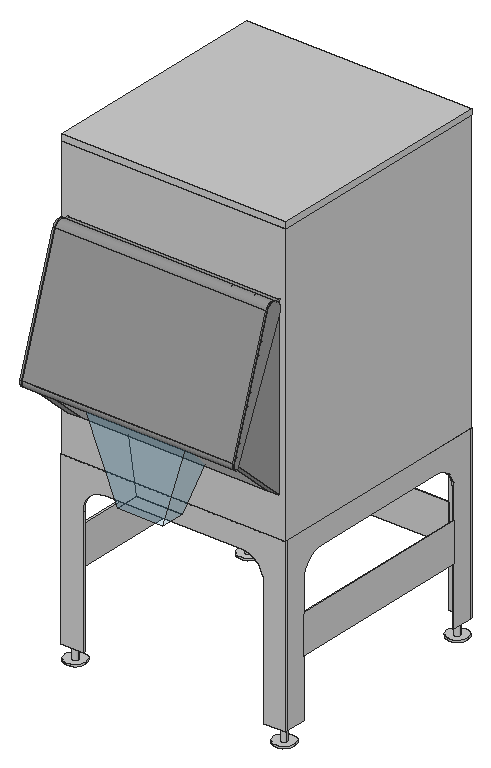
Revit family "QF_HOSHIZAKI_DEV500SG-30-75", category Specialty Equipment, Revit 2016
Family settings
  Part Type = Normal
  Round Connector Dimension = Use Diameter
  OmniClass Number = 23.40.40.14
  OmniClass Title = Food Service Equipment
  Work Plane-Based = No
  Always vertical = Yes
  Cut with Voids When Loaded = No
  Shared = No
  Room Calculation Point = No
Parameters (values of type "DEV500SG-30-75")
  Weight = 136.00 kg
  Waste Remarks [instance] = ""
  URL Cutsheet = ""
  URL = "www.hoshizaki-europe.com"
  Status [instance] = ""
  Specification by User [instance] = ""
  Specification by Manufacturer [instance] = ""
  Serial Number = ""
  Seismic Rating = ""
  SMACNA No = ""
  Revision Code [instance] = ""
  NAFEM Spec ID Number = ""
  Model = "DEV500SG-30-75"
  Masterspec = ""
  Manufacturer = "HOSHIZAKI"
  Length Actual = 762 mm
  Item Number [instance] = ""
  Installed By [instance] = ""
  Indirect Waste Size = 25.4 mm
  Indirect Waste Connection Type [instance] = ""
  Indirect Waste Connection Height [instance] = 0 mm
  Identify Quantity as Lot [instance] = no
  Height Actual = 1600 mm
  Furnished By [instance] = ""
  Foodservice Equipment Identifier [instance] = yes
  Direct Waste RI Height [instance] = 0 mm
  Description = "ICE STORAGE AND DISPENSING SYSTEM, 209KG BIN CAPACITY"
  Depth Actual = 787 mm
  Cost = 0
  CSI MasterFormat = ""
  Assembly Code = "E1090320"
  Accessory = no
Reference planes
  plane 1 "Center (Front/Back)": y = 0
  plane 2: z = 0
  plane 3 "Center (Left/Right)": x = 0
Forms (mm)
  Extrusion 1, solid, not visible
    sketch origin (-1, -2, -1) x (1, 0, 0) y (0, 1, 0)
      loop
        line (0, 0) -> (2, 0) -> (2, 2) -> (0, 2) -> (0, 0)
    from 0 to 2
Dimensions and locks
  aligned and locked: level to plane 2
Nested families
  nested 1: "QF_HOSHIZAKI_DEV500-SG" at (0, 0, 0), type "DEV500SG-30-75"
    with Waste Water Discharge Temperature 0 °C, Status "", Specification by User "", Show Clearance yes, Revision Code "", Plumbing Remarks "", Plumbing Connection Type "", Item Number "", Installed By "", Indirect Waste Connection Type "", Indirect Waste Connection Height 0 mm, Identify Quantity as Lot no, Furnished By "", Foodservice Equipment Identifier yes
Connectors
  piping at (0, 0, 0), diameter 25.4, driven by "Indirect Waste Size"
    settings: on Extrusion 1, index 1, connector inside diameter 609.6 mm, connector length 0 mm, flow factor 0, pipe flow 0.0 L/s, pressure drop 0.0 Pa, fitting loss kfactor 0, connector angle 0.00°, fixture units 0, engagement length 0 mm, angle of deflection 0.00°, flow configuration 1, flow direction 2, fitting loss method 0, system type 16, joint type 0, gender type 0, connector reference index -1, connector utility 0, adjustable connector no, is connector primary yes, connector description "Drain connection for 'DEV500SG-30-75'"
Definition of nested family "QF_HOSHIZAKI_DEV500-SG"
  Parameters (values of type "DEV500SG-30-75")
    Weight in Pounds = 299.8283
    Waste Water Discharge Temperature [instance] = 0 °C
    URL Cutsheet = "www.hoshizaki-europe.com"
    URL = "www.hoshizaki-europe.com"
    Status [instance] = ""
    Specification by User [instance] = ""
    Specification by Manufacturer = ""
    Show Clearance [instance] = yes
    Serial Number = ""
    Seismic Rating = ""
    SMACNA No = ""
    Revision Code [instance] = ""
    Plumbing Remarks [instance] = ""
    Plumbing Connection Type [instance] = ""
    NAFEM Spec ID Number = ""
    Model = "DEV500SG-30-75"
    Masterspec = ""
    Manufacturer = "HOSHIZAKI"
    Item Number [instance] = ""
    Installed By [instance] = ""
    Indirect Waste Size = 25.4 mm
    Indirect Waste Flow = 0.0 L/s
    Indirect Waste Connection Type [instance] = ""
    Indirect Waste Connection Height [instance] = 0 mm
    Identify Quantity as Lot [instance] = no
    Furnished By [instance] = ""
    Foodservice Equipment Identifier [instance] = yes
    Description = "ICE STORAGE AND DISPENSING SYSTEM, 209KG BIN CAPACITY"
    CSI MasterFormat = ""
    Assembly Code = "E1090320"
  Types (2, lengths in mm): name | Indirect Waste Size | Identify Quantity as Lot
    (no name) | 0 | yes
    DEV500SG-30-75 | 25.4 | no
  Values of the unnamed type that differ from the named types
    Weight in Pounds = 0
    Waste Water Discharge Temperature = -273.15 °C
    URL Cutsheet = ""
    URL = ""
    Model = ""
    Manufacturer = ""
    Description = ""
  Reference planes
    plane 1 "Back": y = 0
    plane 2: z = 0
    plane 3 "Left": x = 0
    plane 4 "Right": x = 762
    plane 5 "Front": y = -787
    plane 6 "Top": z = 1600
    plane 7: z = 762
  Forms (mm)
    Extrusion 1, solid
      sketch origin (44.953, -123.309, 1580) x (1, 0, 0) y (0, 1, 0)
        loop
          line (-44.453, -663.691) -> (717.047, -663.691) -> (717.047, 123.309) -> (-44.453, 123.309) -> (-44.453, -663.691)
      from 0 to 20
    Extrusion 2, solid
      sketch origin (0, 0, -1) x (1, 0, 0) y (0, 1, 0)
        loop
          line (2.5, -2) -> (2.5, -787) -> (21, -787) -> (21, -777) -> (12.5, -777) -> (12.5, -12) -> (750, -12) -> (750, -777) -> (739, -777) -> (739, -787) -> (760, -787) -> (760, -2) -> (2.5, -2)
      from 1581 to 630
    Extrusion 3, solid
      sketch origin (0, 227, 1358.182) x (1, 0, 0) y (0, 1, 0)
        loop
          line (21, -1004) -> (21, -1014) -> (739, -1014) -> (739, -1004) -> (21, -1004)
      from 0 to 221.818
    Extrusion 4, solid
      sketch origin (0, 227, 629) x (1, 0, 0) y (0, 1, 0)
        loop
          line (21, -1004) -> (21, -1014) -> (739, -1014) -> (739, -1004) -> (21, -1004)
      from 0 to 133
    Extrusion 5, solid
      sketch origin (0, 0, 629) x (1, 0, 0) y (0, 1, 0)
        loop
          line (12.5, -12) -> (12.5, -777) -> (750, -777) -> (750, -12) -> (12.5, -12)
      from 0 to 10
    Extrusion 6, solid
      sketch origin (0, -782, -146) x (1, 0, 0) y (0, 0, 1)
        loop
          line (75, 197) -> (75, 625)
          arc (75, 625) -> (96.967, 678.033) -> (150, 700) r 75
          line (150, 700) -> (612, 700)
          arc (612, 700) -> (665.033, 678.033) -> (687, 625) r 75
          line (687, 625) -> (687, 197) -> (762, 197) -> (762, 775) -> (0, 775) -> (0, 197) -> (75, 197)
      from 0 to 5
    Extrusion 7, solid
      sketch origin (0, 0, -146) x (0, 1, 0) y (0, 0, 1)
        loop
          line (-5, 775) -> (-782, 775) -> (-782, 197) -> (-712, 197) -> (-712, 625)
          arc (-712, 625) -> (-690.033, 678.033) -> (-637, 700) r 75
          line (-637, 700) -> (-150, 700)
          arc (-150, 700) -> (-96.967, 678.033) -> (-75, 625) r 75
          line (-75, 625) -> (-75, 197) -> (-5, 197) -> (-5, 775)
      from 0 to 5
    Extrusion 8, solid
      sketch origin (0, 0, 0) x (1, 0, 0) y (0, 1, 0)
        loop
          circle (735.25, -760.5) r 35
        loop
          circle (26.75, -760.5) r 35
        loop
          circle (735.25, -26.5) r 35
        loop
          circle (26.75, -26.5) r 35
      from 0 to 5
    Extrusion 9, solid
      sketch origin (0, 0, 0) x (1, 0, 0) y (0, 1, 0)
        loop
          circle (26.75, -760.5) r 10
        loop
          circle (735.25, -760.5) r 10
        loop
          circle (26.75, -26.5) r 10
        loop
          circle (735.25, -26.5) r 10
      from 5 to 51
    Extrusion 10, solid
      sketch origin (23.5, 227, -331.51) x (0, 1, 0) y (0, 0, 1)
        loop
          line (-1014, 1093.51) -> (-1014, 1689.692) -> (-1204.884, 1271.512) -> (-1014, 1093.51)
      from 0 to 40
    Extrusion 11, solid
      sketch origin (17.5, 227, -148.612) x (0, 1, 0) y (0, 0, 1)
        loop
          line (-1200.443, 1069.621) -> (-1020.638, 1473.472)
          arc (-1020.638, 1473.472) -> (-1019.885, 1495.029) -> (-1034.318, 1511.059) r 28.791
          arc (-1034.318, 1511.059) -> (-1056.107, 1511.433) -> (-1070.389, 1494.974) r 25.765
          line (-1070.389, 1494.974) -> (-1209.984, 1092.316)
          arc (-1209.984, 1092.316) -> (-1209.56, 1079.141) -> (-1200.443, 1069.621) r 18.424
      from 0 to 5
    Extrusion 12, solid
      sketch origin (0, 227, -331.51) x (0, 1, 0) y (0, 0, 1)
        loop
          line (-1014, 1093.51) -> (-1004, 1093.51) -> (-1004, 1136.665) -> (-1014, 1136.665) -> (-1193.423, 1296.863) -> (-1204.884, 1271.512) -> (-1014, 1093.51)
      from 63.5 to 699
    Extrusion 13, solid
      sketch origin (71.5, 227, -148.612) x (0, 1, 0) y (0, 0, 1)
        loop
          line (-1205.434, 1093.235) -> (-1067.773, 1489.107)
          arc (-1067.773, 1489.107) -> (-1046.348, 1508.033) -> (-1024.628, 1489.446) r 21.785
          line (-1024.628, 1489.446) -> (-1014, 1506.794) -> (-1027.917, 1506.794)
          arc (-1027.917, 1506.794) -> (-1052.453, 1512.742) -> (-1070.389, 1494.974) r 25.892
          line (-1070.389, 1494.974) -> (-1209.984, 1092.316)
          arc (-1209.984, 1092.316) -> (-1209.56, 1079.141) -> (-1200.443, 1069.621) r 18.424
          line (-1200.443, 1069.621) -> (-1198.044, 1073.979)
          arc (-1198.044, 1073.979) -> (-1205.26, 1082.256) -> (-1205.434, 1093.235) r 15.987
      from 668.5 to -49
    Extrusion 14, solid, visible <- "Show Clearance", detail levels coarse
      sketch origin (0, 227, -442.328) x (0, 1, 0) y (0, 0, 1)
        loop
          arc (-1016, 2219.48) -> (-1478.032, 1870.238) -> (-1198.979, 1362.722) r 442.655
          arc (-1198.979, 1362.722) -> (-1209.011, 1371.672) -> (-1210.292, 1385.055) r 18.424
          line (-1210.292, 1385.055) -> (-1070.262, 1788.97)
          arc (-1070.262, 1788.97) -> (-1061.432, 1801.468) -> (-1047.295, 1807.328) r 27.556
          line (-1047.295, 1807.328) -> (-1016, 1807.328) -> (-1016, 2219.48)
      from 12.5 to 750
    Extrusion 15, solid
      sketch origin (757, 0, -146) x (0, 1, 0) y (0, 0, 1)
        loop
          line (-5, 775) -> (-782, 775) -> (-782, 197) -> (-712, 197) -> (-712, 625)
          arc (-712, 625) -> (-690.033, 678.033) -> (-637, 700) r 75
          line (-637, 700) -> (-150, 700)
          arc (-150, 700) -> (-96.967, 678.033) -> (-75, 625) r 75
          line (-75, 625) -> (-75, 197) -> (-5, 197) -> (-5, 775)
      from 0 to 5
    Extrusion 16, solid
      sketch origin (0, 0, -146) x (1, 0, 0) y (0, 0, 1)
        loop
          line (75, 197) -> (75, 625)
          arc (75, 625) -> (96.967, 678.033) -> (150, 700) r 75
          line (150, 700) -> (612, 700)
          arc (612, 700) -> (665.033, 678.033) -> (687, 625) r 75
          line (687, 625) -> (687, 197) -> (762, 197) -> (762, 775) -> (0, 775) -> (0, 197) -> (75, 197)
      from 0 to 5
    Extrusion 17, solid
      sketch origin (0, 0, 0) x (1, 0, 0) y (0, 0, 1)
        loop
          line (0, 249.156) -> (5, 249.156) -> (5, 379.156) -> (0, 379.156) -> (0, 249.156)
        loop
          line (757, 249.156) -> (762, 249.156) -> (762, 379.156) -> (757, 379.156) -> (757, 249.156)
      from 75 to 712
    Extrusion 18, solid
      sketch origin (0, 0, 0) x (0, 1, 0) y (0, 0, 1)
        loop
          line (0, 379.156) -> (-5, 379.156) -> (-5, 249.156) -> (0, 249.156) -> (0, 379.156)
      from 687 to 75
    Extrusion 19, solid
      sketch origin (740, 227, -148.612) x (0, 1, 0) y (0, 0, 1)
        loop
          line (-1200.443, 1069.621) -> (-1020.638, 1473.472)
          arc (-1020.638, 1473.472) -> (-1019.885, 1495.029) -> (-1034.318, 1511.059) r 28.791
          arc (-1034.318, 1511.059) -> (-1056.107, 1511.433) -> (-1070.389, 1494.974) r 25.765
          line (-1070.389, 1494.974) -> (-1209.984, 1092.316)
          arc (-1209.984, 1092.316) -> (-1209.56, 1079.141) -> (-1200.443, 1069.621) r 18.424
      from 0 to 5
    Extrusion 20, solid
      sketch origin (699, 227, -331.51) x (0, 1, 0) y (0, 0, 1)
        loop
          line (-1014, 1093.51) -> (-1014, 1689.692) -> (-1204.884, 1271.512) -> (-1014, 1093.51)
      from 0 to 40
    Blend 21, solid
      base sketch origin (0, 0, 0) x (1, 0, 0) y (0, 1, 0)
        loop
          line (206, -787.4) -> (206, -950.6) -> (556, -950.6) -> (556, -787.4) -> (206, -787.4)
      top sketch origin (0, 0, 0) x (1, 0, 0) y (0, 1, 0)
        loop
          line (303.5, -844.129) -> (303.5, -928.368) -> (458.5, -928.368) -> (458.5, -844.129) -> (303.5, -844.129)
      from 921.01 to 629
    Extrusion 22, solid
      sketch origin (0, 0, 0) x (1, 0, 0) y (0, 1, 0)
        loop
          circle (381, -393.5) r 12.5
      from 629 to 599
  Cuts and joins
    joined: Extrusion 2, Extrusion 3, Extrusion 4
  Lines and regions (mm)
    symbolic lines
      curve 1: line (0, 0, 0) -> (762, 0, 0)
      curve 2: line (0, -787, 0) -> (0, 0, 0)
      curve 3: line (762, -787, 0) -> (0, -787, 0)
      curve 4: line (762, 0, 0) -> (762, -787, 0)
      curve 5: arc (0, -783.071, 0) -> (-8.25, -760.5, 0) -> (0, -737.929, 0) r 35
      curve 6: arc (3.886, -787, 0) -> (26.75, -795.5, 0) -> (49.614, -787, 0) r 35
      curve 7: arc (0, -3.929, 0) -> (-8.25, -26.5, 0) -> (0, -49.071, 0) r 35
      curve 8: arc (3.886, 0, 0) -> (26.75, 8.5, 0) -> (49.614, 0, 0) r 35
      curve 9: arc (758.114, 0, 0) -> (735.25, 8.5, 0) -> (712.386, 0, 0) r 35
      curve 10: arc (762, -49.071, 0) -> (770.358, -27.035, 0) -> (762, -5, 0) r 33.226
      curve 11: arc (762, -783.071, 0) -> (770.25, -760.5, 0) -> (762, -737.929, 0) r 35
      curve 12: arc (712.386, -787, 0) -> (735.25, -795.5, 0) -> (758.114, -787, 0) r 35
    symbolic lines, visible <- "Show Clearance", detail levels coarse
      curve 13: line (12.5, -787, 0) -> (12.5, -1260.795, 0)
      curve 14: line (12.5, -1260.795, 0) -> (750, -1260.795, 0)
      curve 15: line (750, -1260.795, 0) -> (750, -787, 0)
  Dimensions and locks
    aligned and locked: level to plane 2
  Connectors
    piping at (381, -393.5, 599), diameter 25.4, driven by "Indirect Waste Size", driven by "Indirect Waste Flow"
      settings: on Extrusion 22, index 1, connector inside diameter 609.6 mm, connector length 0 mm, flow factor 0, pipe flow 0.0 L/s, pressure drop 0.0 Pa, fitting loss kfactor 0, connector angle 0.00°, fixture units 0, engagement length 0 mm, angle of deflection 0.00°, flow configuration 1, flow direction 2, fitting loss method 0, system type 16, joint type 0, gender type 0, connector reference index -1, connector utility 0, adjustable connector no, is connector primary yes, connector description "Drain connection"
